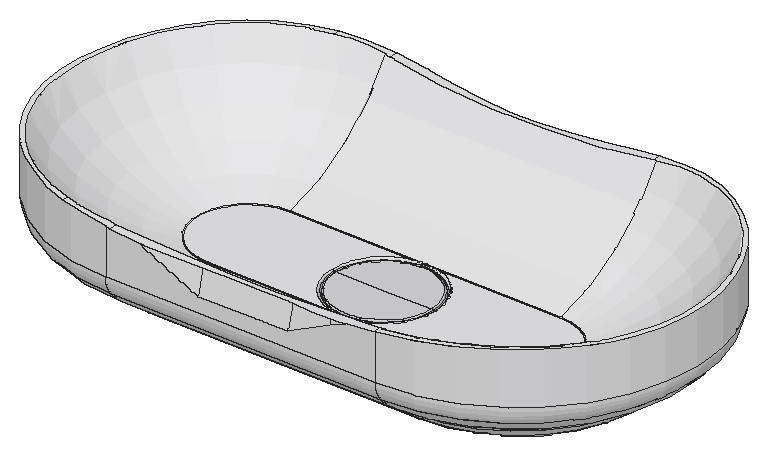
Revit family "Sink-Vessel-Lavatory-KOHLER-ABRAZO-K-2876T_1", category Plumbing Fixtures, host Face, Revit 2017
Family settings
  Host = Face
  Round Connector Dimension = Use Diameter
  Part Type = Normal
  OmniClass Number = 23.31.13.00
  OmniClass Title = Sinks
  Cut with Voids When Loaded = No
  Shared = No
  Room Calculation Point = No
Parameters (values of type "0-White")
  Width = 22 107/128"  # constant formula
  WaterSense Certified = 1 = 0  # no
  Waste Water Outlet = "Waste Water Outlet"  # constant formula
  Waste Connection = 1 = 1  # yes
  Vent Connection = 1 = 0  # no
  URL = "http://www.kohler.com.cn/"
  Type = 1
  Product Page URL = "https://www.kohler.com.cn/product/K-2876T/K-2876T-0/"
  Product Name = "ABRAZO"  # constant formula
  Product Documentation Link = "https://files.kohler.com.cn/pdfs/k_2876t.pdf"
  Model = "K-2876T-0"  # constant formula
  Material = "Acrylic"  # constant formula
  Master Format 2014 Name = "Residential Lavatories and Sinks"  # constant formula
  Master Format 2014 = "22 41 16"  # constant formula
  Manufacturer Address = "Kohler Beijing Office (100016) 36-2-03-B, No. 88, Liuxiang Road, Beijing"  # constant formula
  Manufacturer = "KOHLER Co."  # constant formula
  Length = 12.99213"  # constant formula
  Hot Water Inlet = "Hot Water Inlet"  # constant formula
  Height = 5.51181"  # constant formula
  HW Connection = 1 = 0  # no
  Finish = KOHLER-Acrylic-0-White
  Environmental Product Declaration = ""
  Drain Included = 1 = 0  # no
  Description = "Fashion bowls and basins"  # constant formula
  Default Elevation = 36"
  Declare Label = ""
  Date Modified = "01/29/2021"  # constant formula
  Date Created = "01/29/2021"  # constant formula
  Copyright = "Copyright KOHLER Co."  # constant formula
  Contact Us = "http://www.kohler.com.cn/contact/contact-us/"
  Cold Water Inlet = "Cold Water Inlet"  # constant formula
  CW Connection = 1 = 0  # no
  Assembly Code = "D2010400"
  ADA Compliant = 1 = 0  # no
Reference planes (in)
  plane 1 "Center (Front/Back)": y = 0
  plane 2: z = 0
  plane 3 "Center (Left/Right)": x = 0
  plane 4: y = 6.49606
  plane 5: y = -6.49606
  plane 6: x = -11.41732
  plane 7: x = 11.41861
  plane 8: z = 3.93701
  plane 9: z = -1.5748
  plane 10: y = 7.67717
Forms (in)
  Extrusion 1, void
    sketch origin (0, 0, 0) x (1, 0, 0) y (0, 1, 0)
      loop
        line (2.07184, 2.53851) -> (2.07184, 4.03165) -> (-1.92816, 4.03165) -> (-1.92816, 2.56519)
        spline (-1.92816, 2.56519) -> (-3.75471, 1.83744) -> (-4.81393, 0.74223) -> (-4.89027, -0.49756) -> (-3.96821, -1.62967) -> (-2.23537, -2.42372) -> (-0.04436, -2.71815) -> (2.15899, -2.45303) -> (3.92634, -1.68232) -> (4.89804, -0.56284) -> (4.87638, 0.6776) -> (3.86577, 1.78661) -> (2.07184, 2.53851)
    from -1.5748 to 0.00418
Dimensions and locks (in)
  "Width": plane 6 to plane 7
  plane 8 to level = 3.93701"
  "Height": plane 8 to plane 9
  "Length": plane 4 to plane 5
  plane 4 to plane 1 "Center (Front/Back)" = 6.49606"
  plane 1 "Center (Front/Back)" to plane 10 = 7.67717"
  aligned and locked: plane 2 to host face
  aligned and locked: level to host face
Automatic sketch dimensions
  host sketch curve to host sketch curve = 96"  (x2)
  Extrusion 1 sketch curve to plane 3 "Center (Left/Right)" = 1.92816"
  plane 3 "Center (Left/Right)" to Extrusion 1 sketch curve = 2.07184"
  Extrusion 1 sketch curve to plane 1 "Center (Front/Back)" = 2.53851"
  Extrusion 1 sketch curve to plane 1 "Center (Front/Back)" = 2.56519"
  Extrusion 1 sketch curve to Extrusion 1 sketch curve = 1.49314"
  Extrusion 1 sketch curve to plane 1 "Center (Front/Back)" = 0.03165"
  Extrusion 1 sketch curve to Extrusion 1 sketch curve = 3.05557"
Nested families (in)
  nested 1: "K-2876T" at (0, 0, 0), type "K-2876T"
Connectors (in)
  piping at (0, 0, -1.5748), diameter 1.25, driven by "Waste Connection", driven by "Waste Water Outlet"
    settings: on nested 1, index 1, connector inside diameter 24", connector length 0", flow factor 0, pipe flow 0 GPM, pressure drop 0.00 psi, fitting loss kfactor 0, connector angle 0.00°, fixture units 0, engagement length 0", angle of deflection 0.00°, flow configuration 0, flow direction 2, fitting loss method 0, system type 16, joint type 0, gender type 0, connector reference index -1, connector utility 1, adjustable connector no, is connector primary yes, connector description "Waste Water Outlet"
Definition of nested family "K-2876T"
  Parameters (values of type "K-2876T")
    Material = none
  Reference planes (in)
    plane 1 "Center (Front/Back)": y = 0
    plane 2: z = 0
    plane 3 "Center (Left/Right)": x = 0
    plane 4: y = 6.49606
    plane 5: y = -6.49606
    plane 6: x = 11.41732
    plane 7: x = -11.41732
    plane 8: z = 3.93701
    plane 9: z = -1.5748
    plane 10: z = 0.4364
  Forms (in)
    Sweep 1, solid, material <- "Material", detail levels medium+fine
      path origin (0, 0, 0) x (1, 0, 0) y (0, 1, 0)
        loop
          arc (-4.92422, 6.49606) -> (-11.42029, 0) -> (-4.92422, -6.49606) r 6.49606
          line (-4.92422, -6.49606) -> (4.89257, -6.49606)
          arc (4.89257, -6.49606) -> (11.38864, 0) -> (4.89257, 6.49606) r 6.49606
          line (4.89257, 6.49606) -> (-4.92422, 6.49606)
      profile origin (-0.01582, -6.49606, 0) x (0, -1, 0) y (0, 0, 1)
        loop
          arc (-4.58827, 0.53399) -> (-4.60881, 0.53046) -> (-4.62963, 0.52928) r 0.18364
          line (-4.62963, 0.52928) -> (-4.72441, 0.52928) -> (-4.72441, 0) -> (-2.08218, 0)
          arc (-2.08218, 0) -> (-2.04313, 0.00937) -> (-2.01258, 0.03544) r 0.08606
          arc (-2.01258, 0.03544) -> (-1.88135, 0.19416) -> (-1.73149, 0.33543) r 1.66132
          arc (-1.73149, 0.33543) -> (-1.58873, 0.45031) -> (-1.44233, 0.56051) r 5.64994
          arc (-1.44233, 0.56051) -> (-1.29663, 0.65509) -> (-1.14172, 0.73368) r 1.63417
          arc (-1.14172, 0.73368) -> (-0.64434, 1.02779) -> (-0.22927, 1.42979) r 2.46021
          arc (-0.22927, 1.42979) -> (-0.05903, 1.7322) -> (0, 2.07417) r 1.02016
          line (0, 2.07417) -> (0, 4.25641)
          arc (0, 4.25641) -> (-1.86382, 1.86479) -> (-4.58827, 0.53399) r 6.73018
    Extrusion 2, solid, material <- "Material", detail levels medium+fine
      sketch origin (0, 0, 0) x (1, 0, 0) y (0, 1, 0)
        loop
          line (4.89257, 1.77165) -> (-4.92422, 1.77165)
          arc (-4.92422, 1.77165) -> (-6.69588, 0) -> (-4.92422, -1.77165) r 1.77165
          line (-4.92422, -1.77165) -> (4.89257, -1.77165)
          arc (4.89257, -1.77165) -> (6.66423, 0) -> (4.89257, 1.77165) r 1.77165
      from 0 to 0.52928
    Extrusion 3, void
      sketch origin (0, 0, 0) x (1, 0, 0) y (0, 0, 1)
        loop
          arc (-12.30692, 3.81274) -> (-9.48704, 3.92613) -> (-6.6654, 3.87202) r 47.54975
          arc (-6.6654, 3.87202) -> (-5.71028, 3.80901) -> (-4.75786, 3.71354) r 28.12477
          arc (-4.75786, 3.71354) -> (0.02554, 3.43402) -> (4.80884, 3.7153) r 40.93915
          arc (4.80884, 3.7153) -> (8.34599, 3.95177) -> (11.88894, 3.8301) r 35.08714
          line (11.88894, 3.8301) -> (11.88894, 7.74975) -> (-12.30692, 7.74975) -> (-12.30692, 3.81274)
      from -10.09918 to 9.84252
    Revolve 4, void
      sketch origin (0, 0, 0) x (1, 0, 0) y (0, 0, 1)
        loop
          line (0, 0.52928) -> (-1.90778, 0.52928)
          arc (-1.90778, 0.52928) -> (-1.86669, 0.51226) -> (-1.84967, 0.47116) r 0.05811
          line (-1.84967, 0.47116) -> (-1.84967, 0.13557) -> (0, 0.13557) -> (0, 0.52928)
        axis (0, 0.13557) -> (0, 0.52928)
      angle from 0 to 360
    Revolve 5, solid, detail levels medium+fine
      sketch origin (0, 0, 0) x (1, 0, 0) y (0, 0, 1)
        loop
          arc (-1.72865, 0.51013) -> (-1.75866, 0.4977) -> (-1.77109, 0.46768) r 0.04244
          line (-1.77109, 0.46768) -> (-1.77109, 0.34816) -> (-1.73668, 0.30858) -> (0, 0.30858) -> (0, 0.51013) -> (-1.72865, 0.51013)
        axis (0, 0.30858) -> (0, 0.51013)
      angle from 0 to 360
    Revolve 6, solid, material <- "Material", detail levels medium+fine
      sketch origin (0, 0, 0) x (1, 0, 0) y (0, 0, 1)
        loop
          line (-2.40202, -0.94488) -> (0, -0.94488) -> (0, 0.15947) -> (-2.46374, 0.15947) -> (-2.46374, -0.88317)
          arc (-2.46374, -0.88317) -> (-2.44566, -0.92681) -> (-2.40202, -0.94488) r 0.06171
        axis (0, -0.94488) -> (0, 0.15947)
      angle from 0 to 360
    Extrusion 7, solid, material <- "Material", detail levels medium+fine
      sketch origin (0, 0, 0) x (1, 0, 0) y (0, 1, 0)
        loop
          line (-1.5748, 1.75176) -> (-1.5748, 0.94577)
          arc (-1.5748, 0.94577) -> (-1.57194, 0.8858) -> (-1.56336, 0.82637) r 0.62881
          line (-1.56336, 0.82637) -> (-1.35288, -0.26195)
          arc (-1.35288, -0.26195) -> (0, -1.37826) -> (1.35288, -0.26195) r 1.37795
          line (1.35288, -0.26195) -> (1.55668, 0.79181)
          arc (1.55668, 0.79181) -> (1.57026, 0.88596) -> (1.5748, 0.98097) r 0.99623
          line (1.5748, 0.98097) -> (1.5748, 1.75176) -> (-1.5748, 1.75176)
      from -1.5748 to -0.94488
    Extrusion 8, solid, material <- "Material", detail levels medium+fine
      sketch origin (0, 0, 0) x (0, 1, 0) y (0, 0, 1)
        loop
          line (1.78624, -1.5637) -> (3.72662, -0.11738) -> (3.72662, 0.12731) -> (1.36441, 0.12731) -> (1.36441, -1.5748) -> (1.75277, -1.5748)
          arc (1.75277, -1.5748) -> (1.7704, -1.57195) -> (1.78624, -1.5637) r 0.05601
      from -1.5748 to 1.5748
    Extrusion 9, solid, material <- "Material", detail levels medium+fine
      sketch origin (0, 0, 0) x (1, 0, 0) y (0, 1, 0)
        loop
          spline (4.62678, -0.00031) -> (4.46913, 0.66203) -> (4.00691, 1.27922) -> (3.27163, 1.80922) -> (2.31339, 2.2159) -> (1.1975, 2.47155) -> (0, 2.55875) -> (-1.1975, 2.47155) -> (-2.31339, 2.2159) -> (-3.27163, 1.80922) -> (-4.00691, 1.27922) -> (-4.46913, 0.66203) -> (-4.62678, -0.00031)
          spline (-4.62678, -0.00031) -> (-4.46913, -0.66264) -> (-4.00691, -1.27983) -> (-3.27163, -1.80983) -> (-2.31339, -2.21651) -> (-1.1975, -2.47216) -> (0, -2.55936) -> (1.1975, -2.47216) -> (2.31339, -2.21651) -> (3.27163, -1.80983) -> (4.00691, -1.27983) -> (4.46913, -0.66264) -> (4.62678, -0.00031)
      from -0.15748 to 0
    Extrusion 10, solid, material <- "Material", detail levels medium+fine
      sketch origin (0, 0, 0) x (1, 0, 0) y (0, 1, 0)
        loop
          circle (0, 0) r 0.59055
      from -1.5748 to -1.44655
    Extrusion 11, void
      sketch origin (0, -1.04092, -1.45318) x (1, 0, 0) y (0, 0.97437, -0.224951)
        loop
          arc (8.26138, -6.31808) -> (5.75315, -6.509) -> (3.2399, -6.40315) r 21.3192
          arc (3.2399, -6.40315) -> (2.47678, -6.32418) -> (1.71399, -6.24215) r 191.56137
          arc (1.71399, -6.24215) -> (0.07385, -6.14851) -> (-1.56713, -6.22597) r 15.77343
          arc (-1.56713, -6.22597) -> (-2.54328, -6.32604) -> (-3.51882, -6.43177) r 169.23851
          arc (-3.51882, -6.43177) -> (-5.89294, -6.61578) -> (-8.27406, -6.64038) r 35.53633
          line (-8.27406, -6.64038) -> (-8.27406, -7.89289) -> (8.26138, -7.89289) -> (8.26138, -6.31808)
      from 0 to 9.84252
    Extrusion 12, void
      sketch origin (0, 1.04031, -1.45318) x (1, 0, 0) y (0, 0.97437, 0.224951)
        loop
          line (8.26138, 6.31808) -> (8.26138, 7.89289) -> (-8.27406, 7.89289) -> (-8.27406, 6.64038)
          arc (-8.27406, 6.64038) -> (-5.89294, 6.61578) -> (-3.51882, 6.43177) r 35.53633
          arc (-3.51882, 6.43177) -> (-2.54328, 6.32604) -> (-1.56713, 6.22597) r 169.23851
          arc (-1.56713, 6.22597) -> (0.07385, 6.14851) -> (1.71399, 6.24215) r 15.77343
          arc (1.71399, 6.24215) -> (2.47678, 6.32418) -> (3.2399, 6.40315) r 191.56137
          arc (3.2399, 6.40315) -> (5.75315, 6.509) -> (8.26138, 6.31808) r 21.3192
      from 0 to 9.84252
    Sweep 13, solid, material <- "Material", detail levels coarse
      path origin (0, 0, 0) x (1, 0, 0) y (0, 1, 0)
        loop
          arc (-4.92422, 6.49606) -> (-11.42029, 0) -> (-4.92422, -6.49606) r 6.49606
          line (-4.92422, -6.49606) -> (4.89257, -6.49606)
          arc (4.89257, -6.49606) -> (11.38864, 0) -> (4.89257, 6.49606) r 6.49606
          line (4.89257, 6.49606) -> (-4.92422, 6.49606)
      profile origin (-0.01582, -6.49606, 0) x (0, -1, 0) y (0, 0, 1)
        loop
          arc (-4.58827, 0.53399) -> (-4.60881, 0.53046) -> (-4.62963, 0.52928) r 0.18364
          line (-4.62963, 0.52928) -> (-4.72441, 0.52928) -> (-4.72441, 0) -> (-2.08218, 0)
          arc (-2.08218, 0) -> (-2.04313, 0.00937) -> (-2.01258, 0.03544) r 0.08606
          arc (-2.01258, 0.03544) -> (-1.88135, 0.19416) -> (-1.73149, 0.33543) r 1.66132
          arc (-1.73149, 0.33543) -> (-1.58873, 0.45031) -> (-1.44233, 0.56051) r 5.64994
          arc (-1.44233, 0.56051) -> (-1.29663, 0.65509) -> (-1.14172, 0.73368) r 1.63417
          arc (-1.14172, 0.73368) -> (-0.64434, 1.02779) -> (-0.22927, 1.42979) r 2.46021
          arc (-0.22927, 1.42979) -> (-0.05903, 1.7322) -> (0, 2.07417) r 1.02016
          line (0, 2.07417) -> (0, 4.25641)
          arc (0, 4.25641) -> (-1.86382, 1.86479) -> (-4.58827, 0.53399) r 6.73018
    Extrusion 14, solid, material <- "Material", detail levels coarse
      sketch origin (0, 0, 0) x (1, 0, 0) y (0, 1, 0)
        loop
          arc (4.89257, -1.77165) -> (6.66423, 0) -> (4.89257, 1.77165) r 1.77165
          line (4.89257, 1.77165) -> (-4.92422, 1.77165)
          arc (-4.92422, 1.77165) -> (-6.69588, 0) -> (-4.92422, -1.77165) r 1.77165
          line (-4.92422, -1.77165) -> (4.89257, -1.77165)
      from 0 to 0.52928
    Extrusion 15, solid, material <- "Material", detail levels coarse
      sketch origin (0, 0, 0) x (1, 0, 0) y (0, 1, 0)
        loop
          spline (4.62678, -0.00031) -> (4.46913, 0.66203) -> (4.00691, 1.27922) -> (3.27163, 1.80922) -> (2.31339, 2.2159) -> (1.1975, 2.47155) -> (0, 2.55875) -> (-1.1975, 2.47155) -> (-2.31339, 2.2159) -> (-3.27163, 1.80922) -> (-4.00691, 1.27922) -> (-4.46913, 0.66203) -> (-4.62678, -0.00031)
          spline (-4.62678, -0.00031) -> (-4.46913, -0.66264) -> (-4.00691, -1.27983) -> (-3.27163, -1.80983) -> (-2.31339, -2.21651) -> (-1.1975, -2.47216) -> (0, -2.55936) -> (1.1975, -2.47216) -> (2.31339, -2.21651) -> (3.27163, -1.80983) -> (4.00691, -1.27983) -> (4.46913, -0.66264) -> (4.62678, -0.00031)
      from -0.15748 to 0
    Extrusion 16, solid, material <- "Material", detail levels coarse
      sketch origin (0, 0, 0) x (1, 0, 0) y (0, 1, 0)
        loop
          line (-1.5748, 1.75176) -> (-1.5748, 0.94577)
          arc (-1.5748, 0.94577) -> (-1.57194, 0.8858) -> (-1.56336, 0.82637) r 0.62881
          line (-1.56336, 0.82637) -> (-1.35288, -0.26195)
          arc (-1.35288, -0.26195) -> (0, -1.37826) -> (1.35288, -0.26195) r 1.37795
          line (1.35288, -0.26195) -> (1.55668, 0.79181)
          arc (1.55668, 0.79181) -> (1.57026, 0.88596) -> (1.5748, 0.98097) r 0.99623
          line (1.5748, 0.98097) -> (1.5748, 1.75176) -> (-1.5748, 1.75176)
      from -1.5748 to -0.94488
    Extrusion 17, solid, material <- "Material", detail levels coarse
      sketch origin (0, 0, 0) x (0, 1, 0) y (0, 0, 1)
        loop
          line (1.78624, -1.5637) -> (3.72662, -0.11738) -> (3.72662, 0.12731) -> (1.36441, 0.12731) -> (1.36441, -1.5748) -> (1.75277, -1.5748)
          arc (1.75277, -1.5748) -> (1.7704, -1.57195) -> (1.78624, -1.5637) r 0.05601
      from -1.5748 to 1.5748
    Revolve 18, solid, material <- "Material", detail levels coarse
      sketch origin (0, 0, 0) x (1, 0, 0) y (0, 0, 1)
        loop
          line (-2.40202, -0.94488) -> (0, -0.94488) -> (0, 0.15947) -> (-2.46374, 0.15947) -> (-2.46374, -0.88317)
          arc (-2.46374, -0.88317) -> (-2.44566, -0.92681) -> (-2.40202, -0.94488) r 0.06171
        axis (0, -0.94488) -> (0, 0.15947)
      angle from 0 to 360
  Cuts and joins
    Extrusion 3, Revolve 4, Extrusion 11, Extrusion 12 cuts Sweep 1
    Revolve 4, Extrusion 12 cuts Extrusion 2
    Extrusion 12 cuts Revolve 6
    Extrusion 12 cuts Extrusion 7
    Extrusion 12 cuts Extrusion 8
    Extrusion 12 cuts Extrusion 9
    joined: Sweep 1, Extrusion 2, Revolve 6, Extrusion 7, Extrusion 8, Extrusion 9
    joined: Sweep 13, Extrusion 14, Extrusion 15, Extrusion 16, Extrusion 17, Revolve 18
  Lines and regions (in)
    Masking region 1
      outline origin (0, 0, 0) x (0, 1, 0) y (0, 0, 1)
        loop
          arc (6.49606, 3.7002) -> (6.4696, 3.78318) -> (6.39997, 3.8355) r 0.1433
          arc (6.39997, 3.8355) -> (6.1169, 3.90939) -> (5.82565, 3.93701) r 1.82149
          line (5.82565, 3.93701) -> (-5.82565, 3.93701)
          arc (-5.82565, 3.93701) -> (-6.1169, 3.90939) -> (-6.39997, 3.8355) r 1.82149
          arc (-6.39997, 3.8355) -> (-6.4696, 3.78318) -> (-6.49606, 3.7002) r 0.1433
          line (-6.49606, 3.7002) -> (-6.49606, 2.06689)
          arc (-6.49606, 2.06689) -> (-6.48548, 1.92923) -> (-6.45399, 1.7948) r 0.90086
          arc (-6.45399, 1.7948) -> (-6.27665, 1.43615) -> (-5.99987, 1.14723) r 1.31797
          arc (-5.99987, 1.14723) -> (-5.66381, 0.91253) -> (-5.30809, 0.70885) r 4.57455
          arc (-5.30809, 0.70885) -> (-4.86032, 0.41504) -> (-4.48403, 0.03395) r 2.54259
          arc (-4.48403, 0.03395) -> (-4.45264, 0.00893) -> (-4.4135, 0) r 0.09025
          line (-4.4135, 0) -> (-2.55936, 0) -> (-2.55936, -0.12439)
          arc (-2.55936, -0.12439) -> (-2.54967, -0.14779) -> (-2.52627, -0.15748) r 0.03309
          line (-2.52627, -0.15748) -> (-2.46374, -0.15748) -> (-2.46374, -0.88581)
          arc (-2.46374, -0.88581) -> (-2.44643, -0.92758) -> (-2.40466, -0.94488) r 0.05907
          line (-2.40466, -0.94488) -> (-1.37826, -0.94488) -> (-1.37826, -1.51717)
          arc (-1.37826, -1.51717) -> (-1.36138, -1.55792) -> (-1.32063, -1.5748) r 0.05763
          line (-1.32063, -1.5748) -> (1.7517, -1.5748)
          arc (1.7517, -1.5748) -> (1.77035, -1.57179) -> (1.78711, -1.56306) r 0.05925
          line (1.78711, -1.56306) -> (3.72662, -0.11738) -> (3.72662, 0) -> (4.4135, 0)
          arc (4.4135, 0) -> (4.45264, 0.00893) -> (4.48403, 0.03395) r 0.09025
          arc (4.48403, 0.03395) -> (4.86032, 0.41504) -> (5.30809, 0.70885) r 2.54259
          arc (5.30809, 0.70885) -> (5.66381, 0.91253) -> (5.99987, 1.14723) r 4.57455
          arc (5.99987, 1.14723) -> (6.27665, 1.43615) -> (6.45399, 1.7948) r 1.31797
          arc (6.45399, 1.7948) -> (6.48548, 1.92923) -> (6.49606, 2.06689) r 0.90086
          line (6.49606, 2.06689) -> (6.49606, 3.7002)
    Masking region 2
      outline origin (0, 0, 0) x (1, 0, 0) y (0, 0, 1)
        loop
          arc (11.31581, 3.87413) -> (8.05864, 3.94593) -> (4.80884, 3.7153) r 35.08714
          arc (4.80884, 3.7153) -> (0.02554, 3.43402) -> (-4.75786, 3.71354) r 40.93915
          arc (-4.75786, 3.71354) -> (-5.71028, 3.80901) -> (-6.6654, 3.87202) r 28.12477
          arc (-6.6654, 3.87202) -> (-8.98974, 3.92875) -> (-11.31408, 3.87179) r 47.54975
          arc (-11.31408, 3.87179) -> (-11.37201, 3.84268) -> (-11.38941, 3.78023) r 0.08008
          arc (-11.38941, 3.78023) -> (-11.34284, 3.54627) -> (-11.27248, 3.31833) r 2.3187
          arc (-11.27248, 3.31833) -> (-10.75998, 2.41437) -> (-9.98233, 1.72512) r 3.16491
          arc (-9.98233, 1.72512) -> (-8.83635, 1.11844) -> (-7.61396, 0.6859) r 8.84072
          arc (-7.61396, 0.6859) -> (-7.03758, 0.4364) -> (-6.55407, 0.03556) r 2.22154
          arc (-6.55407, 0.03556) -> (-6.5177, 0.00929) -> (-6.4738, 0) r 0.10838
          line (-6.4738, 0) -> (-4.62678, 0) -> (-4.62678, -0.09176)
          arc (-4.62678, -0.09176) -> (-4.60753, -0.13823) -> (-4.56106, -0.15748) r 0.06572
          line (-4.56106, -0.15748) -> (-2.46029, -0.15748) -> (-2.46029, -0.88502)
          arc (-2.46029, -0.88502) -> (-2.44276, -0.92735) -> (-2.40043, -0.94488) r 0.05987
          line (-2.40043, -0.94488) -> (-1.5748, -0.94488) -> (-1.5748, -1.50797)
          arc (-1.5748, -1.50797) -> (-1.55523, -1.55523) -> (-1.50797, -1.5748) r 0.06683
          line (-1.50797, -1.5748) -> (1.51938, -1.5748)
          arc (1.51938, -1.5748) -> (1.55857, -1.55857) -> (1.5748, -1.51938) r 0.05542
          line (1.5748, -1.51938) -> (1.5748, -0.94488) -> (2.40043, -0.94488)
          arc (2.40043, -0.94488) -> (2.44276, -0.92735) -> (2.46029, -0.88502) r 0.05987
          line (2.46029, -0.88502) -> (2.46029, -0.15748) -> (4.56106, -0.15748)
          arc (4.56106, -0.15748) -> (4.60753, -0.13823) -> (4.62678, -0.09176) r 0.06572
          line (4.62678, -0.09176) -> (4.62678, 0) -> (6.46651, 0)
          arc (6.46651, 0) -> (6.51691, 0.01062) -> (6.55873, 0.04068) r 0.12486
          arc (6.55873, 0.04068) -> (7.04053, 0.43821) -> (7.61396, 0.6859) r 2.22154
          arc (7.61396, 0.6859) -> (8.83635, 1.11844) -> (9.98233, 1.72512) r 8.84072
          arc (9.98233, 1.72512) -> (10.75998, 2.41437) -> (11.27248, 3.31833) r 3.16491
          arc (11.27248, 3.31833) -> (11.34284, 3.54627) -> (11.38941, 3.78023) r 2.3187
          arc (11.38941, 3.78023) -> (11.3725, 3.84208) -> (11.31565, 3.8717) r 0.08008
    Masking region 3
      outline origin (0, 0, 0) x (1, 0, 0) y (0, 1, 0)
        loop
          arc (-4.9222, 6.49606) -> (-11.41826, 0) -> (-4.9222, -6.49606) r 6.49606
          line (-4.9222, -6.49606) -> (4.92138, -6.49606)
          arc (4.92138, -6.49606) -> (11.41744, 0) -> (4.92138, 6.49606) r 6.49606
          line (4.92138, 6.49606) -> (-4.9222, 6.49606)
    symbolic lines
      curve 1: line (4.80884, 6.21427, 0) -> (-4.75786, 6.21325, 0)
      curve 2: spline (-4.75786, 6.21325, 0) -> (-4.77279, 6.21427, 0) -> (-4.78772, 6.21528, 0) -> (-4.80265, 6.21628, 0) -> (-4.81759, 6.21728, 0) -> (-4.83252, 6.21827, 0) -> (-4.84746, 6.21926, 0) -> (-4.8624, 6.22024, 0) -> (-4.87734, 6.22122, 0) -> (-4.89228, 6.2222, 0) -> (-4.90722, 6.22316, 0) -> (-4.92216, 6.22413, 0) -> (-4.93711, 6.22508, 0)
      curve 3: spline (-4.93711, 6.22508, 0) -> (-5.08188, 6.23209, 0) -> (-5.22687, 6.23526, 0) -> (-5.37196, 6.2346, 0) -> (-5.51706, 6.2301, 0) -> (-5.66205, 6.22177, 0) -> (-5.80683, 6.20962, 0) -> (-5.9513, 6.19365, 0) -> (-6.09536, 6.17388, 0) -> (-6.2389, 6.15031, 0) -> (-6.38182, 6.12298, 0) -> (-6.52402, 6.09188, 0) -> (-6.6654, 6.05706, 0)
      curve 4: line (-6.6654, 6.05706, 0) -> (-6.6654, -6.05706, 0)
      curve 5: line (4.89257, -6.21992, 0) -> (4.89257, 6.21992, 0)
      curve 6: spline (4.89257, 6.21992, 0) -> (4.8856, 6.21946, 0) -> (4.87862, 6.21899, 0) -> (4.87164, 6.21852, 0) -> (4.86466, 6.21805, 0) -> (4.85768, 6.21758, 0) -> (4.8507, 6.21711, 0) -> (4.84372, 6.21664, 0) -> (4.83675, 6.21617, 0) -> (4.82977, 6.2157, 0) -> (4.82279, 6.21522, 0) -> (4.81582, 6.21475, 0) -> (4.80884, 6.21427, 0)
      curve 7: line (-4.75786, -6.21325, 0) -> (4.80884, -6.21427, 0)
      curve 8: spline (-6.6654, -6.05706, 0) -> (-6.52394, -6.09188, 0) -> (-6.38166, -6.12297, 0) -> (-6.23865, -6.1503, 0) -> (-6.09503, -6.17386, 0) -> (-5.95089, -6.19363, 0) -> (-5.80634, -6.2096, 0) -> (-5.66148, -6.22174, 0) -> (-5.51642, -6.23007, 0) -> (-5.37125, -6.23456, 0) -> (-5.22609, -6.23521, 0) -> (-5.08104, -6.23203, 0) -> (-4.9362, -6.22502, 0)
      curve 9: spline (-4.9362, -6.22502, 0) -> (-4.92133, -6.22407, 0) -> (-4.90646, -6.22311, 0) -> (-4.8916, -6.22215, 0) -> (-4.87673, -6.22118, 0) -> (-4.86187, -6.22021, 0) -> (-4.84701, -6.21923, 0) -> (-4.83214, -6.21825, 0) -> (-4.81728, -6.21726, 0) -> (-4.80243, -6.21626, 0) -> (-4.78757, -6.21527, 0) -> (-4.77271, -6.21426, 0) -> (-4.75786, -6.21325, 0)
      curve 10: spline (4.80884, -6.21427, 0) -> (4.81582, -6.21475, 0) -> (4.82279, -6.21522, 0) -> (4.82977, -6.2157, 0) -> (4.83675, -6.21617, 0) -> (4.84372, -6.21664, 0) -> (4.8507, -6.21711, 0) -> (4.85768, -6.21758, 0) -> (4.86466, -6.21805, 0) -> (4.87164, -6.21852, 0) -> (4.87862, -6.21899, 0) -> (4.8856, -6.21946, 0) -> (4.89257, -6.21992, 0)
      curve 21: circle (0, 0, 0) r 1.84967 normal (0, 0, 1)
    symbolic lines, detail levels medium+fine
      curve 11: spline (1.71422, -6.31087, 0) -> (1.8414, -6.32387, 0) -> (1.96859, -6.33669, 0) -> (2.09577, -6.34932, 0) -> (2.22295, -6.36178, 0) -> (2.35013, -6.37405, 0) -> (2.4773, -6.38615, 0) -> (2.60447, -6.39806, 0) -> (2.73162, -6.40979, 0) -> (2.85877, -6.42134, 0) -> (2.98591, -6.43271, 0) -> (3.11303, -6.4439, 0) -> (3.24014, -6.45491, 0)
      curve 12: spline (-1.5668, -6.29524, 0) -> (-1.29402, -6.27204, 0) -> (-1.02085, -6.25329, 0) -> (-0.74737, -6.23899, 0) -> (-0.47365, -6.22915, 0) -> (-0.19979, -6.22376, 0) -> (0.07414, -6.22284, 0) -> (0.34804, -6.22638, 0) -> (0.62183, -6.23437, 0) -> (0.89543, -6.24682, 0) -> (1.16875, -6.26373, 0) -> (1.44171, -6.28508, 0) -> (1.71422, -6.31087, 0)
      curve 13: spline (-3.51813, -6.47817, 0) -> (-3.35577, -6.46288, 0) -> (-3.19335, -6.44759, 0) -> (-3.03089, -6.43231, 0) -> (-2.86837, -6.41704, 0) -> (-2.70581, -6.40178, 0) -> (-2.54321, -6.38653, 0) -> (-2.38056, -6.37129, 0) -> (-2.21788, -6.35606, 0) -> (-2.05515, -6.34084, 0) -> (-1.8924, -6.32563, 0) -> (-1.72961, -6.31043, 0) -> (-1.5668, -6.29524, 0)
      curve 14: spline (3.24014, -6.45491, 0) -> (3.2892, -6.45906, 0) -> (3.33828, -6.46308, 0) -> (3.38736, -6.46696, 0) -> (3.43644, -6.47072, 0) -> (3.48553, -6.47435, 0) -> (3.53462, -6.47784, 0) -> (3.58372, -6.48121, 0) -> (3.63282, -6.48444, 0) -> (3.68192, -6.48754, 0) -> (3.73103, -6.49051, 0) -> (3.78014, -6.49335, 0) -> (3.82925, -6.49606, 0)
      curve 15: spline (-3.71516, -6.49606, 0) -> (-3.69874, -6.49462, 0) -> (-3.68232, -6.49318, 0) -> (-3.6659, -6.49172, 0) -> (-3.64948, -6.49025, 0) -> (-3.63306, -6.48877, 0) -> (-3.61664, -6.48729, 0) -> (-3.60022, -6.48579, 0) -> (-3.5838, -6.48429, 0) -> (-3.56738, -6.48277, 0) -> (-3.55096, -6.48125, 0) -> (-3.53454, -6.47972, 0) -> (-3.51813, -6.47817, 0)
      curve 16: spline (-1.56719, 6.29466, 0) -> (-1.73006, 6.30986, 0) -> (-1.8929, 6.32507, 0) -> (-2.05571, 6.34029, 0) -> (-2.21848, 6.35552, 0) -> (-2.38122, 6.37076, 0) -> (-2.54392, 6.38601, 0) -> (-2.70658, 6.40126, 0) -> (-2.86919, 6.41652, 0) -> (-3.03176, 6.4318, 0) -> (-3.19427, 6.44708, 0) -> (-3.35674, 6.46236, 0) -> (-3.51915, 6.47766, 0)
      curve 17: spline (-3.51915, 6.47766, 0) -> (-3.53607, 6.47925, 0) -> (-3.55298, 6.48083, 0) -> (-3.5699, 6.4824, 0) -> (-3.58682, 6.48395, 0) -> (-3.60374, 6.4855, 0) -> (-3.62065, 6.48704, 0) -> (-3.63757, 6.48857, 0) -> (-3.65449, 6.49009, 0) -> (-3.67141, 6.4916, 0) -> (-3.68833, 6.4931, 0) -> (-3.70524, 6.49458, 0) -> (-3.72216, 6.49606, 0)
      curve 18: spline (1.71364, 6.3102, 0) -> (1.44114, 6.28442, 0) -> (1.1682, 6.26307, 0) -> (0.89489, 6.24618, 0) -> (0.62131, 6.23373, 0) -> (0.34753, 6.22574, 0) -> (0.07365, 6.22222, 0) -> (-0.20026, 6.22315, 0) -> (-0.47411, 6.22854, 0) -> (-0.74781, 6.23839, 0) -> (-1.02128, 6.2527, 0) -> (-1.29444, 6.27146, 0) -> (-1.56719, 6.29466, 0)
      curve 19: spline (3.23929, 6.45423, 0) -> (3.11221, 6.44322, 0) -> (2.98511, 6.43202, 0) -> (2.85799, 6.42065, 0) -> (2.73087, 6.4091, 0) -> (2.60373, 6.39737, 0) -> (2.47659, 6.38546, 0) -> (2.34944, 6.37336, 0) -> (2.22229, 6.36109, 0) -> (2.09513, 6.34864, 0) -> (1.96797, 6.33601, 0) -> (1.8408, 6.3232, 0) -> (1.71364, 6.3102, 0)
      curve 20: spline (3.84066, 6.49606, 0) -> (3.79053, 6.49333, 0) -> (3.7404, 6.49045, 0) -> (3.69027, 6.48744, 0) -> (3.64015, 6.4843, 0) -> (3.59002, 6.48102, 0) -> (3.5399, 6.4776, 0) -> (3.48979, 6.47404, 0) -> (3.43968, 6.47035, 0) -> (3.38957, 6.46653, 0) -> (3.33947, 6.46256, 0) -> (3.28938, 6.45846, 0) -> (3.23929, 6.45423, 0)
      curve 22: circle (0, 0, 0) r 1.77165 normal (0, 0, 1)
      curve 23: circle (0, 0, 0) r 1.73668 normal (0, 0, 1)
      curve 24: spline (-6.15945, 0, 0) -> (-5.94957, 1.01897, 0) -> (-5.33424, 1.9685, 0) -> (-4.35539, 2.78388, 0) -> (-3.07972, 3.40955, 0) -> (-1.59418, 3.80286, 0) -> (0, 3.93701, 0) -> (1.59418, 3.80286, 0) -> (3.07972, 3.40955, 0) -> (4.35539, 2.78388, 0) -> (5.33424, 1.9685, 0) -> (5.94957, 1.01897, 0) -> (6.15945, 0, 0) -> (5.94957, -1.01897, 0) -> (5.33424, -1.9685, 0) -> (4.35539, -2.78388, 0) -> (3.07972, -3.40955, 0) -> (1.59418, -3.80286, 0) -> (0, -3.93701, 0) -> (-1.59418, -3.80286, 0) -> (-3.07972, -3.40955, 0) -> (-4.35539, -2.78388, 0) -> (-5.33424, -1.9685, 0) -> (-5.94957, -1.01897, 0) -> (-6.15945, 0, 0)
      curve 25: line (0, 3.72662, 0) -> (0, -2.55936, 0)
      curve 26: line (0, -2.46374, -0.15748) -> (0, 2.3622, -0.15748)
      curve 27: line (0, 2.40596, -0.11372) -> (0, 2.40596, 0)
      curve 28: arc (0, 2.3622, -0.15748) -> (0, 2.39314, -0.14466) -> (0, 2.40596, -0.11372) r 0.04376
      curve 29: line (0, -1.37826, -0.94488) -> (0, 1.82614, -0.94488)
      curve 30: line (0, 1.89473, -0.87629) -> (0, 1.89473, -0.15748)
      curve 31: arc (0, 1.82614, -0.94488) -> (0, 1.87464, -0.92479) -> (0, 1.89473, -0.87629) r 0.06859
      curve 32: line (0, -2.46374, -0.87629) -> (0, -2.46374, -0.15748)
      curve 33: arc (0, -2.39514, -0.94488) -> (0, -2.44365, -0.92479) -> (0, -2.46374, -0.87629) r 0.06859
      curve 34: line (0, 0.88607, -1.5748) -> (0, 0.88607, -0.94488)
      curve 35: line (-4.62678, 0, 0) -> (4.62678, 0, 0)
      curve 36: line (-2.46029, 0, -0.15748) -> (-1.5748, 0, -0.15748)
      curve 37: line (-7.03758, 0, 0.4364) -> (7.03758, 0, 0.4364)
      curve 38: arc (-5.71028, 0, 3.80901) -> (-0.00391, 0, 2.25284) -> (5.70246, 0, 3.80901) r 11.24051
      curve 39: line (0, 4.88677, 0.4364) -> (0, -4.88677, 0.4364)
      curve 40: line (1.5748, 0, -0.94488) -> (1.5748, 0, 0)
      curve 41: line (-1.5748, 0, -0.94488) -> (-1.5748, 0, 0)
      curve 42: line (1.5748, 0, -0.15748) -> (2.46374, 0, -0.15748)
  Dimensions and locks (in)
    aligned and locked: plane 2 to level
